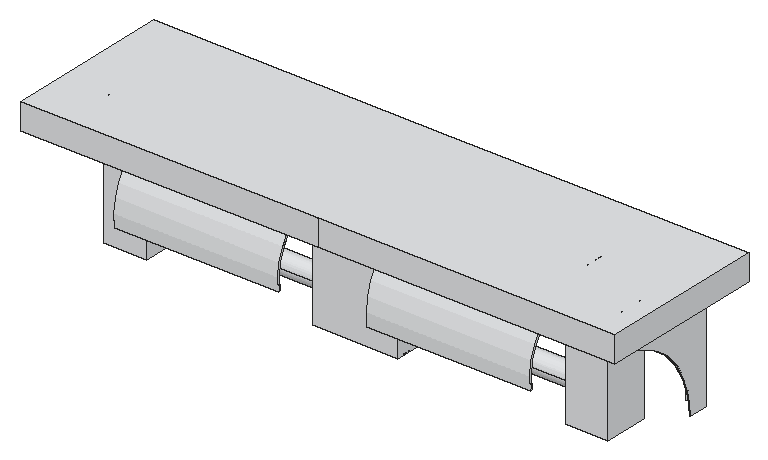
Revit family "Twin Toilet Paper Dispenser Holder With Mobile Stand_IN", category Generic Models, Revit 2017
Family settings
  Can host rebar = No
  Round Connector Dimension = Use Diameter
  Part Type = Normal
  Work Plane-Based = No
  Always vertical = Yes
  Cut with Voids When Loaded = No
  Shared = No
  Room Calculation Point = No
Parameters
  Website = "https://dolphy.in/"  # constant formula
  M&L = Dolphy_CHROME
  Contact number = "+91 9520202035"  # constant formula
  Contact email = "info@dolphy.in"  # constant formula
  Company name = "Dolphy India"  # constant formula
Reference planes
  plane 1 "Center (Front/Back)": y = 0
  plane 2: z = 0
  plane 3 "Center (Left/Right)": x = 0
Forms (mm)
  Extrusion 1, solid, material "Dolphy_CHROME" <- "M&L"
    sketch origin (0, 0, 0) x (1, 0, 0) y (0, 1, 0)
      loop
        line (-230, 0) -> (-230, -129) -> (0, -129) -> (230, -129) -> (230, 0) -> (0, 0) -> (-230, 0)
    from 0 to 20
  Extrusion 2, void
    sketch origin (0, 0, 0) x (1, 0, 0) y (0, 1, 0)
      loop
        line (-229, -128) -> (0, -128) -> (229, -128) -> (229, -1) -> (0, -1) -> (-229, -1) -> (-229, -128)
    from 0 to 19
  Extrusion 3, solid, material "Dolphy_CHROME" <- "M&L"
    sketch origin (0, 0, 19) x (0, 1, 0) y (1, 0, 0)
      loop
        line (-114, 215) -> (-114, 214) -> (-22.901, 214) -> (-22.901, 200) -> (-21.901, 200) -> (-21.901, 215) -> (-114, 215)
    from 0 to 101
  Extrusion 4, void
    sketch origin (215, -114, 19) x (0, -1, 0) y (0, 0, 1)
      loop
        arc (0, -29) -> (-53.567, -48.955) -> (-77.211, -101) r 74.473
        line (-77.211, -101) -> (0, -101) -> (0, -29)
    from 0 to 15
  Extrusion 5, solid, material "Dolphy_CHROME" <- "M&L"
    sketch origin (0, 0, 19) x (0, -1, 0) y (-1, 0, 0)
      loop
        line (114, 215) -> (21.901, 215) -> (21.901, 200) -> (22.901, 200) -> (22.901, 214) -> (114, 214) -> (114, 215)
    from 0 to 101
  Extrusion 6, void
    sketch origin (-215, -114, 19) x (0, -1, 0) y (0, 0, -1)
      loop
        line (0, 29) -> (0, 101) -> (-77.211, 101)
        arc (-77.211, 101) -> (-53.567, 48.955) -> (0, 29) r 74.473
    from 0 to 15
  Extrusion 7, solid, material "Dolphy_CHROME" <- "M&L"
    sketch origin (-8.261, 0.452, 19) x (0, 1, 0) y (1, 0, 0)
      loop
        line (-57.66, 203.261) -> (-92.421, 203.261) -> (-92.421, 170.262) -> (-57.66, 170.262) -> (-57.66, 203.261)
      loop
        line (-91.422, 171.044) -> (-58.66, 171.044) -> (-58.66, 202.261) -> (-91.422, 202.261) -> (-91.422, 171.044)
    from 0 to 101
  Extrusion 8, solid, material "Dolphy_CHROME" <- "M&L"
    sketch origin (-8.261, 0.452, -82) x (-1, 0, 0) y (0, 1, 0)
      loop
        line (-171.044, -91.422) -> (-171.044, -58.66) -> (-202.261, -58.66) -> (-202.261, -91.422) -> (-171.044, -91.422)
    from 0 to -1
  Extrusion 9, void
    sketch origin (195, -57.208, 19) x (1, 0, 0) y (0, 0, 1)
      loop
        line (-1, -1) -> (-32.217, -1) -> (-32.217, -100) -> (-1, -100) -> (-1, -1)
    from -5.14 to 10
  Sweep 10, solid, material "Dolphy_CHROME" <- "M&L"
    path in 3D
      loop
        line (34.25, -67.208, 0) -> (160.75, -67.208, 0)
    profile origin (97.5, -67.208, 0) x (0, 1, 0) y (0, 0, 1)
      loop
        arc (-55.969, -45.104) -> (-40.532, 0.286) -> (5.338, 14.232) r 52.526
        line (5.338, 14.232) -> (5.338, 15.248)
        arc (5.338, 15.248) -> (-41.293, 0.942) -> (-56.959, -45.249) r 53.526
        line (-56.959, -45.249) -> (-55.969, -45.104)
  Extrusion 11, solid, material "Dolphy_CHROME" <- "M&L"
    sketch origin (8.261, 0.452, -82) x (1, 0, 0) y (0, -1, 0)
      loop
        line (-171.044, 91.422) -> (-202.261, 91.422) -> (-202.261, 58.66) -> (-171.044, 58.66) -> (-171.044, 91.422)
    from 0 to -1
  Extrusion 12, void
    sketch origin (-195, -57.208, 19) x (-1, 0, 0) y (0, 0, -1)
      loop
        line (-1, 1) -> (-1, 100) -> (-32.217, 100) -> (-32.217, 1) -> (-1, 1)
    from 0 to 10
  Extrusion 13, solid, material "Dolphy_CHROME" <- "M&L"
    sketch origin (8.261, 0.452, 19) x (0, -1, 0) y (-1, 0, 0)
      loop
        line (57.66, 203.261) -> (57.66, 170.262) -> (92.421, 170.262) -> (92.421, 203.261) -> (57.66, 203.261)
      loop
        line (91.422, 171.044) -> (91.422, 202.261) -> (58.66, 202.261) -> (58.66, 171.044) -> (91.422, 171.044)
    from 0 to 101
  Sweep 14, solid, material "Dolphy_CHROME" <- "M&L"
    path in 3D
      loop
        line (-34.25, -67.208, 0) -> (-160.75, -67.208, 0)
    profile origin (-97.5, -67.208, 0) x (0, -1, 0) y (0, 0, 1)
      loop
        line (55.969, -45.104) -> (56.959, -45.249)
        arc (56.959, -45.249) -> (41.293, 0.942) -> (-5.338, 15.248) r 53.526
        line (-5.338, 15.248) -> (-5.338, 14.232)
        arc (-5.338, 14.232) -> (40.532, 0.286) -> (55.969, -45.104) r 52.526
  Extrusion 15, solid, material "Dolphy_CHROME" <- "M&L"
    sketch origin (-186.71, 0.452, 19) x (0, 1, 0) y (1, 0, 0)
      loop
        line (-57.66, 219.25) -> (-92.421, 219.25) -> (-92.421, 153.71) -> (-57.66, 153.71) -> (-57.66, 219.25)
      loop
        line (-91.422, 154.597) -> (-58.66, 154.597) -> (-58.66, 217.75) -> (-91.422, 217.75) -> (-91.422, 154.597)
    from 0 to 101
  Extrusion 16, solid, material "Dolphy_CHROME" <- "M&L"
    sketch origin (-186.71, 0.452, -82) x (-1, 0, 0) y (0, 1, 0)
      loop
        line (-154.597, -91.422) -> (-154.597, -58.66) -> (-219.25, -58.66) -> (-219.25, -91.422) -> (-154.597, -91.422)
    from 0 to -1
  Extrusion 17, void
    sketch origin (16.551, -57.208, 19) x (1, 0, 0) y (0, 0, 1)
      loop
        line (14.489, -1) -> (-48.663, -1) -> (-48.663, -100) -> (14.489, -100) -> (14.489, -1)
    from -6.433 to 10
  Extrusion 18, solid, material "Dolphy_CHROME" <- "M&L"
    sketch origin (-162.002, -42.208, 19) x (0, -1, 0) y (0, 0, -1)
      loop
        circle (34.017, 76.4) r 8
    from -4.156 to 133.399
  Extrusion 19, solid, material "Dolphy_CHROME" <- "M&L"
    sketch origin (162.002, -42.208, 19) x (0, -1, 0) y (0, 0, 1)
      loop
        circle (34.017, -76.4) r 8
    from -4.156 to 133.399
Cuts and joins
  Extrusion 2, Extrusion 9 cuts Extrusion 1
  Extrusion 4, Extrusion 6 cuts Extrusion 3
  Extrusion 6 cuts Extrusion 5
  Extrusion 9, Extrusion 12, Extrusion 17 cuts Extrusion 7
  Extrusion 9, Extrusion 12, Extrusion 17 cuts Extrusion 8
  joined: Extrusion 7, Extrusion 8
  Extrusion 17 cuts Extrusion 15
  Extrusion 12 cuts Extrusion 13
Lines and regions (mm)
  reference lines
    curve 1: line (34.25, -67.208, 0) -> (160.75, -67.208, 0)
  sketch lines
    curve 2: line (34.25, -67.208, 0) -> (160.75, -67.208, 0)
    curve 3: line (-34.25, -67.208, 0) -> (-160.75, -67.208, 0)
Dimensions and locks
  Extrusion 1 sketch curve to Extrusion 1 sketch curve = 460.00 mm
  Extrusion 1 sketch curve to Extrusion 1 sketch curve = 129.00 mm
  cut or joined group of Extrusion 1, Extrusion 2, Extrusion 9 to Extrusion 3 sketch curve = 15.00 mm  (x2)
  Extrusion 3 sketch curve to Extrusion 3 sketch curve = 15.00 mm
  Extrusion 5 sketch curve to Extrusion 5 sketch curve = 15.00 mm
  Sweep 10 to Sweep 10 = 126.50 mm
  Sweep 10 to cut or joined group of Extrusion 7, Extrusion 8, Extrusion 9, Extrusion 12, Extrusion 17 = 1.252 mm
  Sweep 14 to Extrusion 15 = 1.25 mm
  Extrusion 15 to Sweep 10 = 1.71 mm
  cut or joined group of Extrusion 1, Extrusion 2, Extrusion 9 to cut or joined group of Extrusion 1, Extrusion 2, Extrusion 9 = 460.00 mm
  cut or joined group of Extrusion 1, Extrusion 2, Extrusion 9 to cut or joined group of Extrusion 1, Extrusion 2, Extrusion 9 = 129.00 mm
  cut or joined group of Extrusion 12, Extrusion 13 to Sweep 14 = 1.252 mm
  cut or joined group of Extrusion 1, Extrusion 2, Extrusion 9 to cut or joined group of Extrusion 3, Extrusion 4, Extrusion 6 = 102.00 mm
  aligned and locked: level to plane 2
